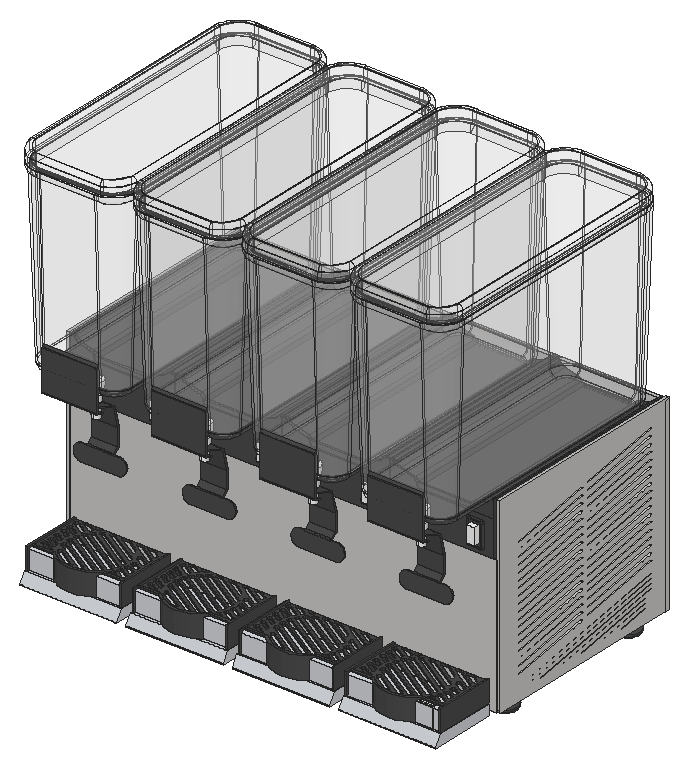
Revit family "QF_Vollrath-VBBE4-37T", category Specialty Equipment, Revit 2018 (continued)
Forms (in)
  Extrusion 60, solid, material "QF_Finishes-Black Plastic"
    sketch origin (14.03594, -0.69203, -0.67436) x (0, 1, 0) y (0, 0, 1)
      loop
        arc (-6.7126, 12.77975) -> (-6.69637, 12.72827) -> (-6.65354, 12.69541) r 0.08975
        line (-6.65354, 12.69541) -> (-6.24829, 12.54791) -> (-6.22809, 12.6034) -> (-6.65354, 12.75825) -> (-6.65354, 15.43542) -> (-6.55627, 15.57434) -> (-6.585, 15.63626) -> (-6.69836, 15.47437)
        arc (-6.69836, 15.47437) -> (-6.70895, 15.45289) -> (-6.7126, 15.42921) r 0.07874
        line (-6.7126, 15.42921) -> (-6.7126, 12.77975)
    from -1.53543 to 2.09496
  Revolve 61, solid, material "QF_Finishes-White Rubber"
    sketch origin (14.33133, -0.00627, -0.98853) x (0, 1, 0) y (0, 0, 1)
      loop
        line (-5.26181, 11.35591) -> (-5.26181, 13.7196) -> (-5.58313, 13.7196)
        arc (-5.58313, 13.7196) -> (-5.66215, 13.68687) -> (-5.69488, 13.60785) r 0.11175
        line (-5.69488, 13.60785) -> (-5.6749, 12.85346) -> (-5.57506, 12.85346) -> (-5.57506, 12.36572) -> (-5.49364, 12.33608) -> (-5.49364, 11.35591) -> (-5.26181, 11.35591)
      axis (-5.26181, 11.35591) -> (-5.26181, 13.7196)
    angle from 0 to 360
  Extrusion 62, solid, material "QF_Finishes-Black Plastic"
    sketch origin (14.32352, 0.05623, -0.98853) x (0, 1, 0) y (0, 0, 1)
      loop
        line (-4.89794, 12.05642) -> (-4.5209, 10.64927) -> (-4.5209, 9.50735) -> (-4.87524, 9.24034)
        arc (-4.87524, 9.24034) -> (-4.89988, 9.20972) -> (-4.90703, 9.17106) r 0.08027
        line (-4.90703, 9.17106) -> (-4.84806, 9.16797) -> (-4.83447, 9.19711) -> (-4.4932, 9.45428)
        arc (-4.4932, 9.45428) -> (-4.47012, 9.48203) -> (-4.46184, 9.51717) r 0.07874
        line (-4.46184, 9.51717) -> (-4.46184, 10.65704) -> (-4.8302, 12.03176)
        arc (-4.8302, 12.03176) -> (-4.86865, 12.09212) -> (-4.92901, 12.13057) r 0.16532
        line (-4.92901, 12.13057) -> (-6.9898, 12.88064) -> (-7.01, 12.82515) -> (-4.89794, 12.05642)
    from -0.87952 to 0.8668
  Extrusion 63, solid, material "QF_Finishes-Black Plastic"
    sketch origin (14.31571, -0.40114, -1.21779) x (1, 0, 0) y (0, 0.052336, 0.99863)
      loop
        line (-1.23031, 8.07021) -> (1.23031, 8.07021)
        arc (1.23031, 8.07021) -> (1.77091, 8.61081) -> (1.23031, 9.1514) r 0.5406
        line (1.23031, 9.1514) -> (-1.23031, 9.1514)
        arc (-1.23031, 9.1514) -> (-1.77091, 8.61081) -> (-1.23031, 8.07021) r 0.5406
    from 4.87511 to 4.93413
  Sweep 64, solid, material "QF_Finishes-Clear Plastic"
    path origin (14.31571, 0, 0) x (1, 0, 0) y (0, 1, 0)
      loop
        arc (-2.3069, -6.00035) -> (-2.17234, -6.32521) -> (-1.84748, -6.45977) r 0.45942
        line (-1.84748, -6.45977) -> (1.84782, -6.45977)
        arc (1.84782, -6.45977) -> (2.17447, -6.32446) -> (2.30977, -5.99781) r 0.46195
        line (2.30977, -5.99781) -> (2.30977, 9.13206)
        arc (2.30977, 9.13206) -> (2.17447, 9.45871) -> (1.84782, 9.59402) r 0.46195
        line (1.84782, 9.59402) -> (-1.84748, 9.59402)
        arc (-1.84748, 9.59402) -> (-2.17234, 9.45946) -> (-2.3069, 9.1346) r 0.45942
        line (-2.3069, 9.1346) -> (-2.3069, -6.00035)
    profile origin (12.00881, 1.56713, 0) x (-1, 0, 0) y (0, 0, 1)
      loop
        line (1.14413, 25.33894) -> (1.00627, 25.33894) -> (0.60808, 13.43579)
        arc (0.60808, 13.43579) -> (0.48758, 13.16469) -> (0.21238, 13.05386) r 0.39514
        line (0.21238, 13.05386) -> (0.22508, 12.90709)
        arc (0.22508, 12.90709) -> (0.59013, 13.08301) -> (0.74651, 13.45684) r 0.57097
        line (0.74651, 13.45684) -> (1.14413, 25.33894)
  Extrusion 65, solid, material "QF_Finishes-Black Plastic"
    sketch origin (14.08474, 0, -0.6875) x (1, 0, 0) y (0, 0, 1)
      loop
        arc (-3.07536, 13.88194) -> (-3.14363, 13.93562) -> (-3.22835, 13.95475) r 0.19715
        line (-3.22835, 13.95475) -> (-3.43112, 13.95475) -> (-3.43112, 12.85346) -> (3.70354, 12.85346) -> (3.70354, 13.95475) -> (3.48715, 13.95475)
        arc (3.48715, 13.95475) -> (3.42114, 13.94337) -> (3.36274, 13.91054) r 0.19715
        arc (3.36274, 13.91054) -> (3.325, 13.82888) -> (3.26928, 13.75826) r 0.3838
        arc (3.26928, 13.75826) -> (3.13708, 13.65681) -> (2.98312, 13.59304) r 0.63833
        line (2.98312, 13.59304) -> (2.22998, 13.39124)
        arc (2.22998, 13.39124) -> (2.1139, 13.32397) -> (2.04739, 13.20745) r 0.2576
        line (2.04739, 13.20745) -> (1.99464, 12.90825) -> (-1.51709, 12.90825) -> (-1.58429, 13.18714)
        arc (-1.58429, 13.18714) -> (-1.65028, 13.30662) -> (-1.76806, 13.37562) r 0.2576
        line (-1.76806, 13.37562) -> (-2.72529, 13.63211)
        arc (-2.72529, 13.63211) -> (-2.87925, 13.69588) -> (-3.01145, 13.79732) r 0.63833
        arc (-3.01145, 13.79732) -> (-3.04746, 13.8389) -> (-3.07715, 13.8852) r 0.3838
    from -10.7576 to 3.27362
  Sweep 66, solid, material "QF_Finishes-Clear Plastic"
    path origin (14.31571, 0, 0) x (1, 0, 0) y (0, 1, 0)
      loop
        line (1.97575, 9.86597) -> (-1.98, 9.86597)
        arc (-1.98, 9.86597) -> (-2.54709, 9.63108) -> (-2.78198, 9.064) r 0.80197
        line (-2.78198, 9.064) -> (-2.78198, -6.12347)
        arc (-2.78198, -6.12347) -> (-2.53304, -6.72445) -> (-1.93206, -6.97339) r 0.84992
        line (-1.93206, -6.97339) -> (1.91929, -6.97339)
        arc (1.91929, -6.97339) -> (2.53134, -6.71987) -> (2.78485, -6.10782) r 0.86556
        line (2.78485, -6.10782) -> (2.78485, 9.05687)
        arc (2.78485, 9.05687) -> (2.54787, 9.62899) -> (1.97575, 9.86597) r 0.8091
    profile origin (14.31358, 9.86597, 0) x (0, -1, 0) y (0, 0, 1)
      loop
        line (-0.42938, 24.72698) -> (-0.42938, 25.33894) -> (-0.79275, 25.33894)
        arc (-0.79275, 25.33894) -> (-0.70652, 24.97628) -> (-0.42938, 24.72698) r 0.62589
  Sweep 67, solid, material "QF_Finishes-Black Plastic"
    path origin (14.07832, 0, 0) x (1, 0, 0) y (0, 0, 1)
      loop
        arc (-2.90354, 10.17079) -> (-2.88625, 10.12903) -> (-2.84449, 10.11173) r 0.05906
        line (-2.84449, 10.11173) -> (-1.99803, 10.11173)
        arc (-1.99803, 10.11173) -> (-1.95627, 10.12903) -> (-1.93898, 10.17079) r 0.05906
        line (-1.93898, 10.17079) -> (-1.93898, 11.63929)
        arc (-1.93898, 11.63929) -> (-1.95627, 11.68105) -> (-1.99803, 11.69835) r 0.05906
        line (-1.99803, 11.69835) -> (-2.84449, 11.69835)
        arc (-2.84449, 11.69835) -> (-2.88625, 11.68105) -> (-2.90354, 11.63929) r 0.05906
        line (-2.90354, 11.63929) -> (-2.90354, 10.17079)
    profile origin (11.17477, 0, 10.90504) x (-1, 0, 0) y (0, -1, 0)
      loop
        arc (0.09489, 3.27803) -> (0.04169, 3.30166) -> (0.01972, 3.35557) r 0.0779
        arc (0.01972, 3.35557) -> (0.01127, 3.3726) -> (-0.00738, 3.37633) r 0.02157
        line (-0.00738, 3.37633) -> (-0.00738, 3.27803) -> (0.09489, 3.27803)
  Sweep 68, solid, material "QF_Finishes-Black Plastic"
    path origin (14.07832, 0, 0) x (-1, 0, 0) y (0, 0, 1)
      loop
        arc (-2.90354, 10.17079) -> (-2.88625, 10.12903) -> (-2.84449, 10.11173) r 0.05906
        line (-2.84449, 10.11173) -> (-1.99803, 10.11173)
        arc (-1.99803, 10.11173) -> (-1.95627, 10.12903) -> (-1.93898, 10.17079) r 0.05906
        line (-1.93898, 10.17079) -> (-1.93898, 11.63929)
        arc (-1.93898, 11.63929) -> (-1.95627, 11.68105) -> (-1.99803, 11.69835) r 0.05906
        line (-1.99803, 11.69835) -> (-2.84449, 11.69835)
        arc (-2.84449, 11.69835) -> (-2.88625, 11.68105) -> (-2.90354, 11.63929) r 0.05906
        line (-2.90354, 11.63929) -> (-2.90354, 10.17079)
    profile origin (16.98186, 0, 10.90504) x (-1, 0, 0) y (0, -1, 0)
      loop
        line (-0.09489, 3.27803) -> (0.00738, 3.27803) -> (0.00738, 3.37633)
        arc (0.00738, 3.37633) -> (-0.01127, 3.3726) -> (-0.01972, 3.35557) r 0.02157
        arc (-0.01972, 3.35557) -> (-0.04169, 3.30166) -> (-0.09489, 3.27803) r 0.0779
  Extrusion 69, solid, material "QF_Finishes-White Rubber"
    sketch origin (14.07832, 0, 0) x (1, 0, 0) y (0, 0, 1)
      loop
        line (-2.66535, 10.3637) -> (-2.17717, 10.3637) -> (-2.17717, 11.44638) -> (-2.66535, 11.44638) -> (-2.66535, 10.3637)
    from 3.27362 to 3.65598
  Extrusion 70, solid, material "QF_Finishes-White Rubber"
    sketch origin (14.07832, 0, 0) x (-1, 0, 0) y (0, 0, -1)
      loop
        line (-2.66535, -10.3637) -> (-2.66535, -11.44638) -> (-2.17717, -11.44638) -> (-2.17717, -10.3637) -> (-2.66535, -10.3637)
    from 3.27362 to 3.65598
  Extrusion 71, solid, material "QF_Finishes-Clear Plastic"
    sketch origin (14.31248, 0, 0) x (1, 0, 0) y (0, 1, 0)
      loop
        line (-2.51928, 9.1346) -> (-2.51928, -6.00035)
        arc (-2.51928, -6.00035) -> (-2.32251, -6.47538) -> (-1.84748, -6.67215) r 0.6718
        line (-1.84748, -6.67215) -> (1.84782, -6.67215)
        arc (1.84782, -6.67215) -> (2.32464, -6.47464) -> (2.52215, -5.99781) r 0.67433
        line (2.52215, -5.99781) -> (2.52215, 9.13206)
        arc (2.52215, 9.13206) -> (2.32464, 9.60889) -> (1.84782, 9.8064) r 0.67433
        line (1.84782, 9.8064) -> (-1.84748, 9.8064)
        arc (-1.84748, 9.8064) -> (-2.32251, 9.60963) -> (-2.51928, 9.1346) r 0.6718
    from 12.90709 to 13.05386
  Sweep 72, solid, material "QF_Finishes-Clear Plastic"
    path origin (21.5016, 3.74664, 2.49969) x (1, 0, 0) y (0, 1, 0)
      loop
        line (-2.2551, -11.10622) -> (2.2551, -11.10622)
        arc (2.2551, -11.10622) -> (2.85564, -10.64462) -> (3.17382, -9.95724) r 1.58698
        line (3.17382, -9.95724) -> (3.17382, 5.36453)
        arc (3.17382, 5.36453) -> (2.71278, 6.17327) -> (1.84782, 6.51746) r 1.40778
        line (1.84782, 6.51746) -> (-1.84782, 6.51746)
        arc (-1.84782, 6.51746) -> (-2.71161, 6.17429) -> (-3.17326, 5.36758) r 1.40778
        line (-3.17326, 5.36758) -> (-3.17326, -9.96011)
        arc (-3.17326, -9.96011) -> (-2.85472, -10.64576) -> (-2.2551, -11.10622) r 1.58698
    profile origin (21.5016, -7.35958, 2.49969) x (0, 1, 0) y (0, 0, 1)
      loop
        line (-0.39475, 22.88102) -> (-0.01824, 22.88102) -> (-0.01824, 23.6765)
        arc (-0.01824, 23.6765) -> (-0.26993, 23.6729) -> (-0.39475, 23.45431) r 0.25381
        line (-0.39475, 23.45431) -> (-0.39475, 22.88102)
  Extrusion 73, solid, material "QF_Finishes-Black Plastic"
    sketch origin (21.07671, 0, 0) x (1, 0, 0) y (0, 0, 1)
      loop
        line (-3.28843, 9.73814) -> (3.6516, 9.73814) -> (3.6516, 13.26725) -> (3.58732, 13.26725)
        arc (3.58732, 13.26725) -> (3.52131, 13.25587) -> (3.46292, 13.22304) r 0.19715
        arc (3.46292, 13.22304) -> (3.42517, 13.14138) -> (3.36946, 13.07076) r 0.3838
        arc (3.36946, 13.07076) -> (3.23725, 12.96931) -> (3.0833, 12.90554) r 0.63833
        line (3.0833, 12.90554) -> (2.33016, 12.70374)
        arc (2.33016, 12.70374) -> (2.21408, 12.63647) -> (2.14757, 12.51995) r 0.2576
        line (2.14757, 12.51995) -> (-1.4899, 12.51995)
        arc (-1.4899, 12.51995) -> (-1.55763, 12.62653) -> (-1.66788, 12.68812) r 0.2576
        line (-1.66788, 12.68812) -> (-2.62512, 12.94461)
        arc (-2.62512, 12.94461) -> (-2.77907, 13.00838) -> (-2.91127, 13.10982) r 0.63833
        arc (-2.91127, 13.10982) -> (-2.94616, 13.14991) -> (-2.97518, 13.19444) r 0.3838
        arc (-2.97518, 13.19444) -> (-3.04345, 13.24812) -> (-3.12817, 13.26725) r 0.19715
        line (-3.12817, 13.26725) -> (-3.28843, 13.26725) -> (-3.28843, 9.73814)
    from 3.12402 to 3.27362
  Extrusion 74, solid, material "QF_Finishes-Black Plastic"
    sketch origin (21.22184, -0.69203, -0.67436) x (0, 1, 0) y (0, 0, 1)
      loop
        arc (-6.7126, 12.77975) -> (-6.69637, 12.72827) -> (-6.65354, 12.69541) r 0.08975
        line (-6.65354, 12.69541) -> (-6.24829, 12.54791) -> (-6.22809, 12.6034) -> (-6.65354, 12.75825) -> (-6.65354, 15.43542) -> (-6.55627, 15.57434) -> (-6.585, 15.63626) -> (-6.69836, 15.47437)
        arc (-6.69836, 15.47437) -> (-6.70895, 15.45289) -> (-6.7126, 15.42921) r 0.07874
        line (-6.7126, 15.42921) -> (-6.7126, 12.77975)
    from -1.53543 to 2.09496
  Revolve 75, solid, material "QF_Finishes-White Rubber"
    sketch origin (21.51723, -0.00627, -0.98853) x (0, 1, 0) y (0, 0, 1)
      loop
        line (-5.26181, 11.35591) -> (-5.26181, 13.7196) -> (-5.58313, 13.7196)
        arc (-5.58313, 13.7196) -> (-5.66215, 13.68687) -> (-5.69488, 13.60785) r 0.11175
        line (-5.69488, 13.60785) -> (-5.6749, 12.85346) -> (-5.57506, 12.85346) -> (-5.57506, 12.36572) -> (-5.49364, 12.33608) -> (-5.49364, 11.35591) -> (-5.26181, 11.35591)
      axis (-5.26181, 11.35591) -> (-5.26181, 13.7196)
    angle from 0 to 360
  Extrusion 76, solid, material "QF_Finishes-Black Plastic"
    sketch origin (21.50941, 0.05623, -0.98853) x (0, 1, 0) y (0, 0, 1)
      loop
        line (-4.89794, 12.05642) -> (-4.5209, 10.64927) -> (-4.5209, 9.50735) -> (-4.87524, 9.24034)
        arc (-4.87524, 9.24034) -> (-4.89988, 9.20972) -> (-4.90703, 9.17106) r 0.08027
        line (-4.90703, 9.17106) -> (-4.84806, 9.16797) -> (-4.83447, 9.19711) -> (-4.4932, 9.45428)
        arc (-4.4932, 9.45428) -> (-4.47012, 9.48203) -> (-4.46184, 9.51717) r 0.07874
        line (-4.46184, 9.51717) -> (-4.46184, 10.65704) -> (-4.8302, 12.03176)
        arc (-4.8302, 12.03176) -> (-4.86865, 12.09212) -> (-4.92901, 12.13057) r 0.16532
        line (-4.92901, 12.13057) -> (-6.9898, 12.88064) -> (-7.01, 12.82515) -> (-4.89794, 12.05642)
    from -0.87952 to 0.8668
  Extrusion 77, solid, material "QF_Finishes-Black Plastic"
    sketch origin (21.5016, -0.40114, -1.21779) x (1, 0, 0) y (0, 0.052336, 0.99863)
      loop
        line (-1.23031, 8.07021) -> (1.23031, 8.07021)
        arc (1.23031, 8.07021) -> (1.77091, 8.61081) -> (1.23031, 9.1514) r 0.5406
        line (1.23031, 9.1514) -> (-1.23031, 9.1514)
        arc (-1.23031, 9.1514) -> (-1.77091, 8.61081) -> (-1.23031, 8.07021) r 0.5406
    from 4.87511 to 4.93413
  Sweep 78, solid, material "QF_Finishes-Clear Plastic"
    path origin (21.5016, 0, 0) x (1, 0, 0) y (0, 1, 0)
      loop
        arc (-2.3069, -6.00035) -> (-2.17234, -6.32521) -> (-1.84748, -6.45977) r 0.45942
        line (-1.84748, -6.45977) -> (1.84782, -6.45977)
        arc (1.84782, -6.45977) -> (2.17447, -6.32446) -> (2.30977, -5.99781) r 0.46195
        line (2.30977, -5.99781) -> (2.30977, 9.13206)
        arc (2.30977, 9.13206) -> (2.17447, 9.45871) -> (1.84782, 9.59402) r 0.46195
        line (1.84782, 9.59402) -> (-1.84748, 9.59402)
        arc (-1.84748, 9.59402) -> (-2.17234, 9.45946) -> (-2.3069, 9.1346) r 0.45942
        line (-2.3069, 9.1346) -> (-2.3069, -6.00035)
    profile origin (19.19471, 1.56713, 0) x (-1, 0, 0) y (0, 0, 1)
      loop
        line (1.14413, 25.33894) -> (1.00627, 25.33894) -> (0.60808, 13.43579)
        arc (0.60808, 13.43579) -> (0.48758, 13.16469) -> (0.21238, 13.05386) r 0.39514
        line (0.21238, 13.05386) -> (0.22508, 12.90709)
        arc (0.22508, 12.90709) -> (0.59013, 13.08301) -> (0.74651, 13.45684) r 0.57097
        line (0.74651, 13.45684) -> (1.14413, 25.33894)
  Extrusion 79, solid, material "QF_Finishes-Black Plastic"
    sketch origin (21.08314, 0, -0.6875) x (1, 0, 0) y (0, 0, 1)
      loop
        line (-3.29486, 13.95475) -> (-3.29486, 12.85346) -> (3.64518, 12.85346) -> (3.64518, 13.95475) -> (3.5809, 13.95475)
        arc (3.5809, 13.95475) -> (3.51489, 13.94337) -> (3.45649, 13.91054) r 0.19715
        arc (3.45649, 13.91054) -> (3.41875, 13.82888) -> (3.36303, 13.75826) r 0.3838
        arc (3.36303, 13.75826) -> (3.23083, 13.65681) -> (3.07687, 13.59304) r 0.63833
        line (3.07687, 13.59304) -> (2.32373, 13.39124)
        arc (2.32373, 13.39124) -> (2.20765, 13.32397) -> (2.14114, 13.20745) r 0.2576
        line (2.14114, 13.20745) -> (2.08839, 12.90825) -> (-1.42334, 12.90825) -> (-1.49054, 13.18714)
        arc (-1.49054, 13.18714) -> (-1.55653, 13.30662) -> (-1.67431, 13.37562) r 0.2576
        line (-1.67431, 13.37562) -> (-2.63154, 13.63211)
        arc (-2.63154, 13.63211) -> (-2.7855, 13.69588) -> (-2.9177, 13.79732) r 0.63833
        arc (-2.9177, 13.79732) -> (-2.95259, 13.83741) -> (-2.98161, 13.88194) r 0.3838
        arc (-2.98161, 13.88194) -> (-3.04988, 13.93562) -> (-3.1346, 13.95475) r 0.19715
        line (-3.1346, 13.95475) -> (-3.29486, 13.95475)
    from -10.7576 to 3.27362
  Sweep 80, solid, material "QF_Finishes-Clear Plastic"
    path origin (21.5016, 0, 0) x (1, 0, 0) y (0, 1, 0)
      loop
        line (1.97575, 9.86597) -> (-1.98, 9.86597)
        arc (-1.98, 9.86597) -> (-2.54709, 9.63108) -> (-2.78198, 9.064) r 0.80197
        line (-2.78198, 9.064) -> (-2.78198, -6.12347)
        arc (-2.78198, -6.12347) -> (-2.53304, -6.72445) -> (-1.93206, -6.97339) r 0.84992
        line (-1.93206, -6.97339) -> (1.91929, -6.97339)
        arc (1.91929, -6.97339) -> (2.53134, -6.71987) -> (2.78485, -6.10782) r 0.86556
        line (2.78485, -6.10782) -> (2.78485, 9.05687)
        arc (2.78485, 9.05687) -> (2.54787, 9.62899) -> (1.97575, 9.86597) r 0.8091
    profile origin (21.49948, 9.86597, 0) x (0, -1, 0) y (0, 0, 1)
      loop
        line (-0.42938, 24.72698) -> (-0.42938, 25.33894) -> (-0.79275, 25.33894)
        arc (-0.79275, 25.33894) -> (-0.70652, 24.97628) -> (-0.42938, 24.72698) r 0.62589
  Sweep 81, solid, material "QF_Finishes-Black Plastic"
    path origin (21.07671, 0, 0) x (1, 0, 0) y (0, 0, 1)
      loop
        arc (-2.90354, 10.17079) -> (-2.88625, 10.12903) -> (-2.84449, 10.11173) r 0.05906
        line (-2.84449, 10.11173) -> (-1.99803, 10.11173)
        arc (-1.99803, 10.11173) -> (-1.95627, 10.12903) -> (-1.93898, 10.17079) r 0.05906
        line (-1.93898, 10.17079) -> (-1.93898, 11.63929)
        arc (-1.93898, 11.63929) -> (-1.95627, 11.68105) -> (-1.99803, 11.69835) r 0.05906
        line (-1.99803, 11.69835) -> (-2.84449, 11.69835)
        arc (-2.84449, 11.69835) -> (-2.88625, 11.68105) -> (-2.90354, 11.63929) r 0.05906
        line (-2.90354, 11.63929) -> (-2.90354, 10.17079)
    profile origin (18.17317, 0, 10.90504) x (-1, 0, 0) y (0, -1, 0)
      loop
        arc (0.09489, 3.27803) -> (0.04169, 3.30166) -> (0.01972, 3.35557) r 0.0779
        arc (0.01972, 3.35557) -> (0.01127, 3.3726) -> (-0.00738, 3.37633) r 0.02157
        line (-0.00738, 3.37633) -> (-0.00738, 3.27803) -> (0.09489, 3.27803)
  Sweep 82, solid, material "QF_Finishes-Black Plastic"
    path origin (21.07671, 0, 0) x (-1, 0, 0) y (0, 0, 1)
      loop
        arc (-2.90354, 10.17079) -> (-2.88625, 10.12903) -> (-2.84449, 10.11173) r 0.05906
        line (-2.84449, 10.11173) -> (-1.99803, 10.11173)
        arc (-1.99803, 10.11173) -> (-1.95627, 10.12903) -> (-1.93898, 10.17079) r 0.05906
        line (-1.93898, 10.17079) -> (-1.93898, 11.63929)
        arc (-1.93898, 11.63929) -> (-1.95627, 11.68105) -> (-1.99803, 11.69835) r 0.05906
        line (-1.99803, 11.69835) -> (-2.84449, 11.69835)
        arc (-2.84449, 11.69835) -> (-2.88625, 11.68105) -> (-2.90354, 11.63929) r 0.05906
        line (-2.90354, 11.63929) -> (-2.90354, 10.17079)
    profile origin (23.98026, 0, 10.90504) x (-1, 0, 0) y (0, -1, 0)
      loop
        line (-0.09489, 3.27803) -> (0.00738, 3.27803) -> (0.00738, 3.37633)
        arc (0.00738, 3.37633) -> (-0.01127, 3.3726) -> (-0.01972, 3.35557) r 0.02157
        arc (-0.01972, 3.35557) -> (-0.04169, 3.30166) -> (-0.09489, 3.27803) r 0.0779
  Extrusion 83, solid, material "QF_Finishes-White Rubber"
    sketch origin (21.07671, 0, 0) x (1, 0, 0) y (0, 0, 1)
      loop
        line (-2.66535, 10.3637) -> (-2.17717, 10.3637) -> (-2.17717, 11.44638) -> (-2.66535, 11.44638) -> (-2.66535, 10.3637)
    from 3.27362 to 3.65598
  Extrusion 84, solid, material "QF_Finishes-White Rubber"
    sketch origin (21.07671, 0, 0) x (-1, 0, 0) y (0, 0, -1)
      loop
        line (-2.66535, -10.3637) -> (-2.66535, -11.44638) -> (-2.17717, -11.44638) -> (-2.17717, -10.3637) -> (-2.66535, -10.3637)
    from 3.27362 to 3.65598
  Extrusion 85, solid, material "QF_Finishes-Clear Plastic"
    sketch origin (21.50619, 0, 0) x (1, 0, 0) y (0, 1, 0)
      loop
        line (-2.51928, 9.1346) -> (-2.51928, -6.00035)
        arc (-2.51928, -6.00035) -> (-2.32251, -6.47538) -> (-1.84748, -6.67215) r 0.6718
        line (-1.84748, -6.67215) -> (1.84782, -6.67215)
        arc (1.84782, -6.67215) -> (2.32464, -6.47464) -> (2.52215, -5.99781) r 0.67433
        line (2.52215, -5.99781) -> (2.52215, 9.13206)
        arc (2.52215, 9.13206) -> (2.32464, 9.60889) -> (1.84782, 9.8064) r 0.67433
        line (1.84782, 9.8064) -> (-1.84748, 9.8064)
        arc (-1.84748, 9.8064) -> (-2.32251, 9.60963) -> (-2.51928, 9.1346) r 0.6718
    from 12.90709 to 13.05386
  Extrusion 86, solid, material "QF_Finishes-Black Plastic"
    sketch origin (21.18813, 0, 0) x (1, 0, 0) y (0, 1, 0)
      loop
        line (3.18945, -3.12402) -> (-3.14914, -3.12402) -> (-3.14914, -7.27756) -> (-3.05071, -7.27756) -> (-3.05071, -6.9626) -> (-1.68325, -6.9626)
        arc (-1.68325, -6.9626) -> (-1.65302, -6.96863) -> (-1.62741, -6.98581) r 0.07879
        arc (-1.62741, -6.98581) -> (0.01907, -7.67007) -> (1.66554, -6.98581) r 2.323
        arc (1.66554, -6.98581) -> (1.69232, -6.96862) -> (1.72357, -6.9626) r 0.08414
        line (1.72357, -6.9626) -> (3.09102, -6.9626) -> (3.09102, -7.27756) -> (3.18945, -7.27756) -> (3.18945, -3.12402)
      loop
        line (-3.05071, -3.19488) -> (-3.05071, -6.8248) -> (-1.68325, -6.8248)
        arc (-1.68325, -6.8248) -> (-1.60014, -6.84139) -> (-1.52977, -6.88862) r 0.21647
        arc (-1.52977, -6.88862) -> (0.02, -7.53304) -> (1.56978, -6.88862) r 2.18576
        arc (1.56978, -6.88862) -> (1.64015, -6.84139) -> (1.72326, -6.8248) r 0.21647
        line (1.72326, -6.8248) -> (3.09102, -6.8248) -> (3.09102, -3.19488) -> (-3.05071, -3.19488)
    from 1.03543 to 2.48031
  Extrusion 87, solid
    sketch origin (21.18813, 0, 0) x (0, 1, 0) y (0, 0, 1)
      loop
        line (-3.39961, 1.03543) -> (-7.3563, 1.03543) -> (-7.75, 0.3937) -> (-7.75, 0.35433) -> (-3.39961, 0.35433) -> (-3.39961, 1.03543)
    from -3.17717 to 3.27868
  Extrusion 88, solid
    sketch origin (21.18813, 0, 0) x (0, 1, 0) y (0, 0, -1)
      loop
        line (-6.9626, -2.40157) -> (-6.9626, -1.03543) -> (-7.18008, -1.03543) -> (-7.18008, -2.28346)
        arc (-7.18008, -2.28346) -> (-7.08882, -2.37471) -> (-6.9626, -2.40157) r 0.22732
    from -3.09102 to -1.40314
  Extrusion 89, solid, material "QF_Finishes-Black Plastic"
    sketch origin (21.18922, 0, 0) x (1, 0, 0) y (0, 1, 0)
      loop
        line (-3.05071, -6.8248) -> (-1.68325, -6.8248)
        arc (-1.68325, -6.8248) -> (-1.60014, -6.84139) -> (-1.52977, -6.88862) r 0.21647
        arc (-1.52977, -6.88862) -> (0.02, -7.53304) -> (1.56978, -6.88862) r 2.18576
        arc (1.56978, -6.88862) -> (1.64015, -6.84139) -> (1.72326, -6.8248) r 0.21647
        line (1.72326, -6.8248) -> (3.09102, -6.8248) -> (3.09102, -3.19488) -> (-3.05071, -3.19488) -> (-3.05071, -6.8248)
      loop
        line (1.99999, -5.31469) -> (-0.85274, -3.56972)
        arc (-0.85274, -3.56972) -> (-0.90143, -3.55568) -> (-0.95047, -3.56848) r 0.09564
        line (-0.95047, -3.56848) -> (-1.05079, -3.62641)
        arc (-1.05079, -3.62641) -> (-1.09797, -3.71056) -> (-1.05079, -3.79471) r 0.09865
        line (-1.05079, -3.79471) -> (1.89113, -5.59424)
        arc (1.89113, -5.59424) -> (1.98696, -5.59808) -> (2.04057, -5.51856) r 0.09843
        line (2.04057, -5.51856) -> (2.04706, -5.40253)
        arc (2.04706, -5.40253) -> (2.03544, -5.35223) -> (1.99999, -5.31469) r 0.09857
      loop
        line (1.92869, -5.80182) -> (-1.25519, -3.85429)
        arc (-1.25519, -3.85429) -> (-1.31546, -3.84407) -> (-1.37003, -3.87162) r 0.09782
        line (-1.37003, -3.87162) -> (-1.44371, -3.9453)
        arc (-1.44371, -3.9453) -> (-1.47148, -4.02385) -> (-1.42783, -4.09482) r 0.09665
        line (-1.42783, -4.09482) -> (1.79158, -6.06408)
        arc (1.79158, -6.06408) -> (1.8762, -6.07294) -> (1.93593, -6.01235) r 0.09812
        line (1.93593, -6.01235) -> (1.96819, -5.91075)
        arc (1.96819, -5.91075) -> (1.96695, -5.84957) -> (1.92869, -5.80182) r 0.09507
      loop
        line (1.74837, -6.22226) -> (-1.54753, -4.20621)
        arc (-1.54753, -4.20621) -> (-1.61887, -4.19636) -> (-1.67693, -4.23897) r 0.09584
        line (-1.67693, -4.23897) -> (-1.73108, -4.32679)
        arc (-1.73108, -4.32679) -> (-1.743, -4.39877) -> (-1.70104, -4.45845) r 0.09631
        line (-1.70104, -4.45845) -> (1.59739, -6.47604)
        arc (1.59739, -6.47604) -> (1.66914, -6.48577) -> (1.72723, -6.44255) r 0.09587
        line (1.72723, -6.44255) -> (1.78078, -6.35401)
        arc (1.78078, -6.35401) -> (1.79129, -6.28157) -> (1.74837, -6.22226) r 0.09741
      loop
        line (1.48132, -6.58966) -> (-1.74811, -4.61427)
        arc (-1.74811, -4.61427) -> (-1.83177, -4.60731) -> (-1.88979, -4.66798) r 0.09744
        line (-1.88979, -4.66798) -> (-1.92257, -4.76761)
        arc (-1.92257, -4.76761) -> (-1.92194, -4.82904) -> (-1.88395, -4.87732) r 0.0953
        line (-1.88395, -4.87732) -> (1.30511, -6.82801)
        arc (1.30511, -6.82801) -> (1.36581, -6.8405) -> (1.42146, -6.81321) r 0.09579
        line (1.42146, -6.81321) -> (1.49519, -6.73948)
        arc (1.49519, -6.73948) -> (1.52341, -6.66132) -> (1.48132, -6.58966) r 0.09779
      loop
        line (1.10757, -6.89177) -> (-1.84914, -5.0832)
        arc (-1.84914, -5.0832) -> (-1.94458, -5.07917) -> (-1.99846, -5.15805) r 0.0984
        line (-1.99846, -5.15805) -> (-2.00593, -5.27264)
        arc (-2.00593, -5.27264) -> (-1.99506, -5.32396) -> (-1.95906, -5.3621) r 0.09696
        line (-1.95906, -5.3621) -> (0.91264, -7.11867)
        arc (0.91264, -7.11867) -> (0.96072, -7.13194) -> (1.0088, -7.11867) r 0.09375
        line (1.0088, -7.11867) -> (1.10757, -7.05966)
        arc (1.10757, -7.05966) -> (1.15463, -6.97572) -> (1.10757, -6.89177) r 0.0984
      loop
        line (0.60863, -7.11732) -> (-1.82264, -5.63015)
        arc (-1.82264, -5.63015) -> (-1.92999, -5.63329) -> (-1.97033, -5.73281) r 0.09825
        line (-1.97033, -5.73281) -> (-1.93774, -5.87396)
        arc (-1.93774, -5.87396) -> (-1.92175, -5.90738) -> (-1.89442, -5.93238) r 0.09714
        line (-1.89442, -5.93238) -> (0.37225, -7.31886)
        arc (0.37225, -7.31886) -> (0.40695, -7.33252) -> (0.44421, -7.33107) r 0.09073
        line (0.44421, -7.33107) -> (0.58467, -7.29582)
        arc (0.58467, -7.29582) -> (0.65482, -7.21438) -> (0.60863, -7.11732) r 0.09843
      loop
        line (-0.15644, -7.18008) -> (-1.53008, -6.33984)
        arc (-1.53008, -6.33984) -> (-1.65245, -6.35562) -> (-1.66332, -6.47852) r 0.09845
        line (-1.66332, -6.47852) -> (-1.474, -6.72028) -> (-0.52036, -7.30361) -> (-0.21942, -7.36177)
        arc (-0.21942, -7.36177) -> (-0.1148, -7.29628) -> (-0.15644, -7.18008) r 0.09842
      loop
        line (1.92796, -4.73989) -> (-0.30697, -3.37282)
        arc (-0.30697, -3.37282) -> (-0.34079, -3.3598) -> (-0.37704, -3.35963) r 0.10043
        line (-0.37704, -3.35963) -> (-0.52004, -3.39377)
        arc (-0.52004, -3.39377) -> (-0.59167, -3.47506) -> (-0.54547, -3.57306) r 0.09865
        line (-0.54547, -3.57306) -> (1.85831, -5.04342)
        arc (1.85831, -5.04342) -> (1.96624, -5.03999) -> (2.00606, -4.93962) r 0.09842
        line (2.00606, -4.93962) -> (1.97137, -4.79716)
        arc (1.97137, -4.79716) -> (1.95507, -4.76442) -> (1.92796, -4.73989) r 0.09857
      loop
        line (1.46531, -3.92615) -> (0.62845, -3.41426)
        arc (0.62845, -3.41426) -> (0.46776, -3.37153) -> (0.30428, -3.34114) r 2.18615
        arc (0.30428, -3.34114) -> (0.19761, -3.4051) -> (0.23921, -3.5223) r 0.09818
        line (0.23921, -3.5223) -> (1.54679, -4.32213)
        arc (1.54679, -4.32213) -> (1.66978, -4.30502) -> (1.67799, -4.18113) r 0.09835
        arc (1.67799, -4.18113) -> (1.57664, -4.04948) -> (1.46531, -3.92615) r 2.12561
      loop
        line (2.83911, -4.23574) -> (1.36588, -3.33459)
        arc (1.36588, -3.33459) -> (1.34175, -3.32427) -> (1.31572, -3.32087) r 0.09593
        arc (1.31572, -3.32087) -> (1.27881, -3.321) -> (1.2419, -3.32087) r 5.03614
        arc (1.2419, -3.32087) -> (1.14687, -3.39171) -> (1.18925, -3.5024) r 0.0982
        arc (1.18925, -3.5024) -> (1.38493, -3.6409) -> (1.56306, -3.80134) r 2.04444
        line (1.56306, -3.80134) -> (2.73642, -4.51906)
        arc (2.73642, -4.51906) -> (2.8353, -4.51983) -> (2.88433, -4.43395) r 0.09782
        arc (2.88433, -4.43395) -> (2.88401, -4.37627) -> (2.88433, -4.31858) r 5.14481
        arc (2.88433, -4.31858) -> (2.87254, -4.27125) -> (2.83911, -4.23574) r 0.0965
      loop
        line (2.83639, -3.70334) -> (2.23231, -3.33383)
        arc (2.23231, -3.33383) -> (2.21027, -3.32439) -> (2.18655, -3.32087) r 0.09339
        line (2.18655, -3.32087) -> (1.99477, -3.32087)
        arc (1.99477, -3.32087) -> (1.89988, -3.39257) -> (1.94341, -3.50325) r 0.09837
        line (1.94341, -3.50325) -> (2.73528, -3.98763)
        arc (2.73528, -3.98763) -> (2.83413, -3.98931) -> (2.88433, -3.90415) r 0.09818
        arc (2.88433, -3.90415) -> (2.88448, -3.84599) -> (2.88433, -3.78784) r 11.3571
        arc (2.88433, -3.78784) -> (2.87139, -3.73933) -> (2.83639, -3.70334) r 0.09933
      loop
        arc (-2.69423, -5.62775) -> (-2.79372, -5.62586) -> (-2.84402, -5.71171) r 0.09843
        line (-2.84402, -5.71171) -> (-2.84402, -5.82709)
        arc (-2.84402, -5.82709) -> (-2.83145, -5.87522) -> (-2.79695, -5.91106) r 0.09843
        line (-2.79695, -5.91106) -> (-2.13741, -6.31449)
        arc (-2.13741, -6.31449) -> (-2.02317, -6.30683) -> (-1.99384, -6.19615) r 0.09819
        line (-1.99384, -6.19615) -> (-2.04986, -6.04886)
        arc (-2.04986, -6.04886) -> (-2.066, -6.01898) -> (-2.09144, -5.99647) r 0.09728
        line (-2.09144, -5.99647) -> (-2.69423, -5.62775)
      loop
        arc (-2.69423, -5.09701) -> (-2.79372, -5.09512) -> (-2.84402, -5.18097) r 0.09843
        line (-2.84402, -5.18097) -> (-2.84402, -5.29635)
        arc (-2.84402, -5.29635) -> (-2.83145, -5.34448) -> (-2.79695, -5.38032) r 0.09843
        line (-2.79695, -5.38032) -> (-2.30078, -5.68381)
        arc (-2.30078, -5.68381) -> (-2.19664, -5.68292) -> (-2.1516, -5.58901) r 0.09843
        line (-2.1516, -5.58901) -> (-2.16128, -5.47226)
        arc (-2.16128, -5.47226) -> (-2.17523, -5.42752) -> (-2.20826, -5.39428) r 0.09865
        line (-2.20826, -5.39428) -> (-2.69423, -5.09701)
      loop
        arc (-2.69423, -4.56627) -> (-2.79372, -4.56438) -> (-2.84402, -4.65023) r 0.09843
        line (-2.84402, -4.65023) -> (-2.84402, -4.76561)
        arc (-2.84402, -4.76561) -> (-2.83145, -4.81374) -> (-2.79695, -4.84958) r 0.09843
        line (-2.79695, -4.84958) -> (-2.29775, -5.15493)
        arc (-2.29775, -5.15493) -> (-2.20358, -5.15958) -> (-2.14873, -5.0829) r 0.09839
        line (-2.14873, -5.0829) -> (-2.13391, -4.98165)
        arc (-2.13391, -4.98165) -> (-2.14196, -4.92467) -> (-2.17954, -4.8811) r 0.10209
        line (-2.17954, -4.8811) -> (-2.69423, -4.56627)
      loop
        arc (-2.69423, -4.03555) -> (-2.79372, -4.03365) -> (-2.84402, -4.11951) r 0.09843
        line (-2.84402, -4.11951) -> (-2.84402, -4.23489)
        arc (-2.84402, -4.23489) -> (-2.83145, -4.28301) -> (-2.79695, -4.31885) r 0.09843
        line (-2.79695, -4.31885) -> (-2.19054, -4.68978)
        arc (-2.19054, -4.68978) -> (-2.10586, -4.69843) -> (-2.0461, -4.63781) r 0.09843
        line (-2.0461, -4.63781) -> (-2.01311, -4.5476)
        arc (-2.01311, -4.5476) -> (-2.01108, -4.48046) -> (-2.05286, -4.42787) r 0.09777
        line (-2.05286, -4.42787) -> (-2.69423, -4.03555)
      loop
        arc (-2.69423, -3.50479) -> (-2.79372, -3.5029) -> (-2.84402, -3.58875) r 0.09843
        line (-2.84402, -3.58875) -> (-2.84402, -3.70413)
        arc (-2.84402, -3.70413) -> (-2.83145, -3.75226) -> (-2.79695, -3.78809) r 0.09843
        line (-2.79695, -3.78809) -> (-2.00078, -4.2751)
        arc (-2.00078, -4.2751) -> (-1.92526, -4.28682) -> (-1.86377, -4.24142) r 0.09931
        line (-1.86377, -4.24142) -> (-1.8143, -4.16136)
        arc (-1.8143, -4.16136) -> (-1.80095, -4.08604) -> (-1.84557, -4.0239) r 0.09843
        line (-1.84557, -4.0239) -> (-2.69423, -3.50479)
      loop
        arc (-2.69423, -6.15849) -> (-2.79372, -6.1566) -> (-2.84402, -6.24246) r 0.09843
        line (-2.84402, -6.24246) -> (-2.84402, -6.35783)
        arc (-2.84402, -6.35783) -> (-2.83145, -6.40596) -> (-2.79695, -6.4418) r 0.09843
        line (-2.79695, -6.4418) -> (-2.18491, -6.81617) -> (-1.91188, -6.81617)
        arc (-1.91188, -6.81617) -> (-1.85587, -6.7319) -> (-1.9031, -6.64241) r 0.09904
        line (-1.9031, -6.64241) -> (-2.69423, -6.15849)
      loop
        line (-2.39494, -3.50325) -> (-1.73202, -3.90876)
        arc (-1.73202, -3.90876) -> (-1.66637, -3.92218) -> (-1.60735, -3.89047) r 0.09841
        line (-1.60735, -3.89047) -> (-1.54093, -3.82001)
        arc (-1.54093, -3.82001) -> (-1.51481, -3.73924) -> (-1.5609, -3.66795) r 0.09896
        line (-1.5609, -3.66795) -> (-2.18752, -3.28465)
        arc (-2.18752, -3.28465) -> (-2.235, -3.26983) -> (-2.28367, -3.28012) r 0.09843
        line (-2.28367, -3.28012) -> (-2.38686, -3.33173)
        arc (-2.38686, -3.33173) -> (-2.44114, -3.41512) -> (-2.39494, -3.50325) r 0.09843
      loop
        arc (-1.47591, -3.32087) -> (-1.57065, -3.39261) -> (-1.52727, -3.50325) r 0.09843
        line (-1.52727, -3.50325) -> (-1.3826, -3.59175)
        arc (-1.3826, -3.59175) -> (-1.32707, -3.60613) -> (-1.27295, -3.58713) r 0.09847
        line (-1.27295, -3.58713) -> (-1.18803, -3.52827)
        arc (-1.18803, -3.52827) -> (-1.14526, -3.44427) -> (-1.19182, -3.36231) r 0.09944
        line (-1.19182, -3.36231) -> (-1.23593, -3.33533)
        arc (-1.23593, -3.33533) -> (-1.26061, -3.32455) -> (-1.28729, -3.32087) r 0.09843
        line (-1.28729, -3.32087) -> (-1.47591, -3.32087)
      loop
        arc (2.16593, -4.35471) -> (2.05008, -4.36433) -> (2.02423, -4.47767) r 0.09841
        line (2.02423, -4.47767) -> (2.08147, -4.62318)
        arc (2.08147, -4.62318) -> (2.09769, -4.65241) -> (2.12281, -4.67447) r 0.09781
        line (2.12281, -4.67447) -> (2.73454, -5.04866)
        arc (2.73454, -5.04866) -> (2.83403, -5.05055) -> (2.88433, -4.9647) r 0.09843
        line (2.88433, -4.9647) -> (2.88433, -4.84932)
        arc (2.88433, -4.84932) -> (2.87176, -4.80119) -> (2.83726, -4.76535) r 0.09843
        line (2.83726, -4.76535) -> (2.16593, -4.35471)
      loop
        arc (2.33855, -4.99104) -> (2.23397, -4.99219) -> (2.18943, -5.08682) r 0.09845
        line (2.18943, -5.08682) -> (2.20051, -5.20384)
        arc (2.20051, -5.20384) -> (2.21442, -5.2483) -> (2.24726, -5.28133) r 0.09819
        line (2.24726, -5.28133) -> (2.73454, -5.5794)
        arc (2.73454, -5.5794) -> (2.83403, -5.58129) -> (2.88433, -5.49544) r 0.09843
        line (2.88433, -5.49544) -> (2.88433, -5.38006)
        arc (2.88433, -5.38006) -> (2.87176, -5.33193) -> (2.83726, -5.29609) r 0.09843
        line (2.83726, -5.29609) -> (2.33855, -4.99104)
      loop
        arc (2.34021, -5.5228) -> (2.24688, -5.51781) -> (2.19158, -5.59315) r 0.09828
        line (2.19158, -5.59315) -> (2.17713, -5.69751)
        arc (2.17713, -5.69751) -> (2.18485, -5.75432) -> (2.22293, -5.79719) r 0.09843
        line (2.22293, -5.79719) -> (2.73454, -6.11014)
        arc (2.73454, -6.11014) -> (2.83403, -6.11203) -> (2.88433, -6.02618) r 0.09843
        line (2.88433, -6.02618) -> (2.88433, -5.9108)
        arc (2.88433, -5.9108) -> (2.87176, -5.86267) -> (2.83726, -5.82683) r 0.09843
        line (2.83726, -5.82683) -> (2.34021, -5.5228)
      loop
        arc (2.2366, -5.99016) -> (2.15157, -5.98163) -> (2.09192, -6.04283) r 0.09842
        line (2.09192, -6.04283) -> (2.05934, -6.13333)
        arc (2.05934, -6.13333) -> (2.05873, -6.20007) -> (2.09985, -6.25265) r 0.1011
        line (2.09985, -6.25265) -> (2.73454, -6.64088)
        arc (2.73454, -6.64088) -> (2.83403, -6.64277) -> (2.88433, -6.55692) r 0.09843
        line (2.88433, -6.55692) -> (2.88433, -6.44154)
        arc (2.88433, -6.44154) -> (2.87176, -6.39341) -> (2.83726, -6.35758) r 0.09843
        line (2.83726, -6.35758) -> (2.2366, -5.99016)
      loop
        arc (2.04906, -6.40618) -> (1.97544, -6.39427) -> (1.91458, -6.43738) r 0.09845
        line (1.91458, -6.43738) -> (1.86362, -6.52146)
        arc (1.86362, -6.52146) -> (1.85022, -6.5966) -> (1.89492, -6.65847) r 0.09775
        line (1.89492, -6.65847) -> (2.15566, -6.81617) -> (2.42228, -6.81617)
        arc (2.42228, -6.81617) -> (2.48182, -6.73326) -> (2.43526, -6.64241) r 0.09794
        line (2.43526, -6.64241) -> (2.04906, -6.40618)
    from 2.28346 to 2.40157
  Extrusion 90, solid
    sketch origin (21.18813, 0, 0) x (0, 1, 0) y (0, 0, 1)
      loop
        arc (-6.9626, 2.40157) -> (-7.08882, 2.37471) -> (-7.18008, 2.28346) r 0.22732
        line (-7.18008, 2.28346) -> (-7.18008, 1.03543) -> (-6.9626, 1.03543) -> (-6.9626, 2.40157)
    from -3.05071 to -1.36292
  Extrusion 91, solid
    sketch origin (25.18813, 0, 0) x (0, 1, 0) y (0, 0, 1)
      loop
        arc (-6.9626, 2.40157) -> (-7.08882, 2.37471) -> (-7.18008, 2.28346) r 0.22732
        line (-7.18008, 2.28346) -> (-7.18008, 1.03543) -> (-6.9626, 1.03543) -> (-6.9626, 2.40157)
    from -3.05071 to -1.36292
  Extrusion 92, solid, material "QF_Finishes-Clear Plastic"
    sketch origin (21.50161, 3.7403, 1.72693) x (1, 0, 0) y (0, 1, 0)
      loop
        line (-2.15049, -11.11812) -> (2.25892, -11.11812)
        arc (2.25892, -11.11812) -> (2.86473, -10.65608) -> (3.18926, -9.96676) r 1.60522
        line (3.18926, -9.96676) -> (3.18926, 5.42563)
        arc (3.18926, 5.42563) -> (2.86227, 6.21505) -> (2.07284, 6.54204) r 1.11642
        line (2.07284, 6.54204) -> (-2.09748, 6.54204)
        arc (-2.09748, 6.54204) -> (-2.80722, 6.28665) -> (-3.1915, 5.63759) r 1.11388
        line (-3.1915, 5.63759) -> (-3.1915, -9.95554)
        arc (-3.1915, -9.95554) -> (-2.83451, -10.68325) -> (-2.15049, -11.11812) r 1.49663
    from 24.42674 to 24.46291
Lines and regions (in)
  symbolic lines, style "Clearance - Code Mandatory"
    curve 1: line (-9.4875, 16.875, 0) -> (-9.4875, -7.75, 0)
    curve 2: line (30.9325, 16.875, 0) -> (-9.4875, 16.875, 0)
    curve 3: line (30.9325, -7.75, 0) -> (30.9325, 16.875, 0)
    curve 4: line (-9.4875, -7.75, 0) -> (-3.6675, -7.75, 0)
    curve 5: line (-3.6675, 10.7576, 0) -> (17.83125, 10.7576, 0)
    curve 7: line (-3.6675, -7.75, 0) -> (-3.6675, 10.7576, 0)
    curve 10: line (30.9325, -7.75, 0) -> (30.9325, 10.7576, 0)
    curve 11: line (17.83125, -7.75, 0) -> (30.9325, -7.75, 0)
    curve 12: line (17.83125, 10.7576, 0) -> (17.83125, -7.75, 0)
  symbolic lines
    curve 6: line (3.645, 9.16153, 0) -> (3.645, -6.26307, 0)
    curve 13: arc (3.64129, -6.12347, 0) -> (4.12241, -7.28501, 0) -> (5.28396, -7.76614, 0) r 1.64267
    curve 14: line (3.64129, 9.064, 0) -> (3.64129, -6.12347, 0)
    curve 15: line (5.28396, -7.76614, 0) -> (9.1353, -7.76614, 0)
    curve 16: arc (9.1353, -7.76614, 0) -> (10.30791, -7.28043, 0) -> (10.79362, -6.10782, 0) r 1.65832
    curve 17: line (10.79362, -6.10782, 0) -> (10.79362, 9.05687, 0)
    curve 18: arc (1.88804, -7.76614, 0) -> (3.06064, -7.28043, 0) -> (3.54635, -6.10782, 0) r 1.65832
    curve 19: line (-1.96331, -7.76614, 0) -> (1.88804, -7.76614, 0)
    curve 20: arc (5.23601, 10.65873, 0) -> (4.10837, 10.19164, 0) -> (3.64129, 9.064, 0) r 1.59473
    curve 21: line (9.19177, 10.65873, 0) -> (5.23601, 10.65873, 0)
    curve 22: arc (10.79362, 9.05687, 0) -> (10.32445, 10.18955, 0) -> (9.19177, 10.65873, 0) r 1.60185
    curve 23: arc (-3.60598, -6.12347, 0) -> (-3.12485, -7.28501, 0) -> (-1.96331, -7.76614, 0) r 1.64267
    curve 24: line (3.54635, -6.10782, 0) -> (3.54635, 9.08178, 0)
    curve 25: arc (-1.8868, 10.65885, 0) -> (-3.01274, 10.20931, 0) -> (-3.59926, 9.14826, 0) r 1.80252
    curve 26: line (-3.59926, 9.14826, 0) -> (-3.59926, -6.24981, 0)
    curve 27: line (1.8243, 10.65885, 0) -> (-1.8868, 10.65885, 0)
    curve 28: arc (3.54635, 9.08178, 0) -> (2.97522, 10.18686, 0) -> (1.8243, 10.65885, 0) r 1.80252
    curve 29: line (16.17125, 10.65885, 0) -> (12.46016, 10.65885, 0)
    curve 30: line (10.7477, 9.21026, 0) -> (10.7477, -6.27192, 0)
    curve 31: arc (12.3357, 10.65873, 0) -> (11.26102, 10.24222, 0) -> (10.7477, 9.21026, 0) r 1.59473
    curve 32: arc (17.89331, 9.05687, 0) -> (17.42414, 10.18955, 0) -> (16.29146, 10.65873, 0) r 1.60185
    curve 33: line (17.89331, -6.10782, 0) -> (17.89331, 9.05687, 0)
    curve 34: arc (16.235, -7.76614, 0) -> (17.4076, -7.28043, 0) -> (17.89331, -6.10782, 0) r 1.65832
    curve 35: line (12.38365, -7.76614, 0) -> (16.235, -7.76614, 0)
    curve 36: arc (10.74098, -6.12347, 0) -> (11.2221, -7.28501, 0) -> (12.38365, -7.76614, 0) r 1.64267
    curve 37: arc (19.3341, 10.65873, 0) -> (18.20646, 10.19164, 0) -> (17.73937, 9.064, 0) r 1.59473
    curve 38: line (23.28985, 10.65873, 0) -> (19.3341, 10.65873, 0)
    curve 39: line (17.73937, 9.064, 0) -> (17.73937, -6.12347, 0)
    curve 40: arc (24.89171, 9.05687, 0) -> (24.42253, 10.18955, 0) -> (23.28985, 10.65873, 0) r 1.60185
    curve 41: line (24.89171, -6.10782, 0) -> (24.89171, 9.05687, 0)
    curve 42: arc (23.23339, -7.76614, 0) -> (24.406, -7.28043, 0) -> (24.89171, -6.10782, 0) r 1.65832
    curve 43: line (19.38204, -7.76614, 0) -> (23.23339, -7.76614, 0)
    curve 44: arc (17.73937, -6.12347, 0) -> (18.2205, -7.28501, 0) -> (19.38204, -7.76614, 0) r 1.64267
  reference lines
    curve 8: line (1.395, 4.75781, 0) -> (7.145, 4.75781, 0)
    curve 9: line (-2.645, -9.32132, 0) -> (-2.645, 11.67868, 0)
Dimensions and locks (in)
  plane 5 "Left" to plane 14 "Clearance Right" = 28.78625"
  plane 7 "Front" to plane 6 "Rear" = 18.5076"
  plane 8 "Top" to plane 2 = 26.20831"
  plane 13 "Clearance Left" to plane 5 "Left" = 5.82"
  locked: plane 4 "Right" to plane 14 "Clearance Right" at 6.00125
  aligned and locked: plane 2 to level
  aligned and locked: plane 9 "Base Cabinet Front" to Extrusion 5
  aligned and locked: Extrusion 6 sketch curve to plane 5 "Left"
  aligned and locked: plane 6 "Rear" to Extrusion 6
  aligned and locked: plane 9 "Base Cabinet Front" to Extrusion 17
  aligned and locked: Extrusion 14 to Extrusion 12
  aligned and locked: plane 6 "Rear" to Extrusion 17
  aligned and locked: plane 15 "Clearance Rear" to Extrusion 20
  aligned and locked: plane 15 "Clearance Rear" to curve 2
  aligned and locked: plane 13 "Clearance Left" to Extrusion 20
  aligned and locked: plane 13 "Clearance Left" to curve 1
  aligned and locked: plane 6 "Rear" to Extrusion 3
  aligned and locked: Extrusion 20 to plane 6 "Rear"
  aligned and locked: Extrusion 18 to plane 4 "Right"
  aligned and locked: plane 8 "Top" to Extrusion 19
  aligned and locked: plane 8 "Top" to Extrusion 20
  aligned and locked: plane 8 "Top" to Extrusion 18
  aligned and locked: Extrusion 2 to Sweep 1
  aligned and locked: plane 6 "Rear" to Extrusion 19
  aligned and locked: Extrusion 20 to Extrusion 19
  aligned and locked: plane 6 "Rear" to Extrusion 18
  aligned and locked: Extrusion 34 to Extrusion 32
  aligned and locked: Extrusion 30 to Sweep 29
  aligned and locked: Extrusion 6 sketch curve to Extrusion 18
  aligned and locked: Extrusion 5 to Extrusion 48
  aligned and locked: Extrusion 62 to Extrusion 60
  aligned and locked: Extrusion 58 to Sweep 57
  aligned and locked: plane 4 "Right" to Extrusion 20
  aligned and locked: Extrusion 18 to plane 14 "Clearance Right"
  aligned and locked: Extrusion 76 to Extrusion 74
Connectors (in)
  electrical at (-2.645, 4.75781, 0.37402), driven by "Volts"
    settings: index 1, voltage 115 V, apparent load 0 VA, apparent load phase1 0 VA, apparent load phase2 0 VA, apparent load phase3 0 VA, power factor 1, load classification "Other", number of poles 1, system type 31, power factor state 1, is connector primary yes, connector utility no, sub classification motor no, connector description ""
Types (3): name | Model
  (no name) | "VBBE4-37-F"
  VBBE4-37-S | "VBBE4-37-S"
  VBBE4-37-F | "VBBE4-37-F"
